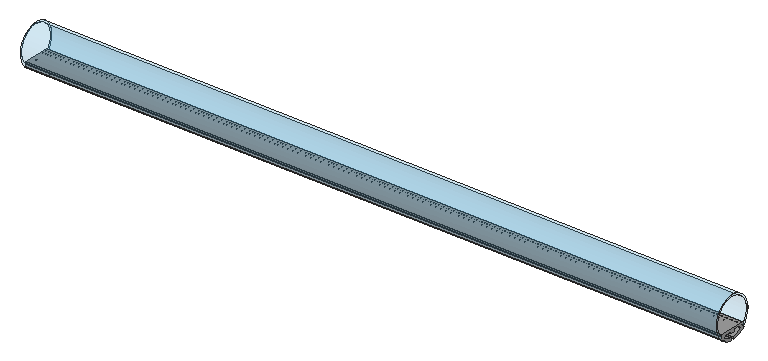
Revit family "PC6060", category Luminarias, Revit 2019
Family settings
  Cota de conector redondo = Diámetro de uso
  Tipo de pieza = Normal
  Se basa en plano de trabajo = Sí
  Siempre vertical = No
  Corte con vacíos al cargar = No
  Origen de luz = No
  Compartido = Sí
  Punto de cálculo de habitación = No
Parameters (values of type "PERFIL_PC6060")
  Tapa Final 6060.1 = 1
  Set de Tensores 6060.2 = (Longitud / 1000 mm) * (3)  # 3
  Keynote = ""
  Modelo = "PC6060"
  Lamp = ""
  Longitud = 1000 mm
  Fabricante = "BRILLANT"
  Default Elevation = 1219.2 mm
  Descripción = "PERFIL PARA SUSPENDER DE ALUMINIO CIRCULAR CON DIFUSOR LECHOSO, PARA ALOJAR TIRA LUMINOSA, PERFIL DE COLOCACION DE 39.1MM DE ANCHO. INSTALACION SOBRE SUPERFICIES, CUENTA CON PIEZAS DE SUJECION PARA DIRIGIR LA CANALETA Y DESPLAZARLA. IDEAL PARA ATENUAR EL BRILLO E INCORPORAR LA LUZ AL AMBIENTE.PRESENTACION DESDE 0.5 - 3 METROS, REQUEIRE ACCESORIOS COMO TAPA FINAL (CONSIDERAR 1 PAR POR SEGMENTO DE PERFIL) Y SET DE TENSORES (CONSIDERAR 3 PZAS POR SEGMENTO DE PERFIL)."
  Costo USD_PC6060 [instance] = (Longitud / 1000 mm) * (15)  # 15
  Wattage Comments = ""
Reference planes
  plane 1 "Centro (Frontal/Posterior)": y = 0
  plane 2: z = 0
  plane 3 "Centro (Izquierda/Derecha)": x = 0
  plane 4: x = -1000
Forms (mm)
  Extrusion 1, solid, material "Aluminio"
    sketch origin (37.527, 0, 32.853) x (0, 0, 1) y (0, -1, 0)
      loop
        line (-18.143, 19.55) -> (-21.132, 19.55) -> (-21.132, 18.048) -> (-19.513, 16.43) -> (-19.513, 14.839) -> (-24.547, 19.873)
        arc (-24.547, 19.873) -> (-30.12, 12.048) -> (-32.712, 2.798) r 27.929
        line (-32.712, 2.798) -> (-29.904, 2.798)
        arc (-29.904, 2.798) -> (-28.112, 9.704) -> (-24.451, 15.827) r 25.136
        line (-24.451, 15.827) -> (-20.936, 12.312) -> (-20.936, 3.283)
        arc (-20.936, 3.283) -> (-22.676, 2.785) -> (-23.887, 1.44) r 3.283
        line (-23.887, 1.44) -> (-20.936, 1.44) -> (-20.936, -1.44) -> (-23.887, -1.44)
        arc (-23.887, -1.44) -> (-22.676, -2.785) -> (-20.936, -3.283) r 3.283
        line (-20.936, -3.283) -> (-20.936, -12.312) -> (-24.451, -15.827)
        arc (-24.451, -15.827) -> (-28.112, -9.704) -> (-29.904, -2.798) r 25.136
        line (-29.904, -2.798) -> (-32.712, -2.798)
        arc (-32.712, -2.798) -> (-30.12, -12.048) -> (-24.547, -19.873) r 27.929
        line (-24.547, -19.873) -> (-19.513, -14.839) -> (-19.513, -16.43) -> (-21.132, -18.048) -> (-21.132, -19.55) -> (-18.143, -19.55) -> (-18.143, 19.55)
    from -1037.527 to -37.527
  Extrusion 2, solid, material "Difusor Lechoso"
    sketch origin (22.394, 0, 30.619) x (0, 0, 1) y (0, -1, 0)
      loop
        arc (-22.316, -19.875) -> (27.075, 0) -> (-22.316, 19.875) r 28.695
        line (-22.316, 19.875) -> (-17.28, 14.839) -> (-17.28, 16.43) -> (-18.898, 18.048) -> (-18.898, 19.556)
        arc (-18.898, 19.556) -> (24.477, 0) -> (-18.898, -19.556) r 26.096
        line (-18.898, -19.556) -> (-18.898, -18.048) -> (-17.28, -16.43) -> (-17.28, -14.839) -> (-22.316, -19.875)
    from -1022.394 to -22.394
Lines and regions (mm)
  model lines, style "LightingFixturesHiddenLines"
    curve 1: line (0, 29, 58) -> (0, -29, 58)
    curve 2: line (0, 29, 0) -> (0, 29, 58)
    curve 3: line (0, -29, 0) -> (0, 29, 0)
    curve 4: line (0, -29, 58) -> (0, -29, 0)
Dimensions and locks
  "Longitud": plane 3 "Centro (Izquierda/Derecha)" to plane 4
  "Longitud": plane 4 to plane 3 "Centro (Izquierda/Derecha)"
  Extrusion 1 sketch curve to Extrusion 1 sketch curve = 39.1 mm
  Extrusion 1 to Extrusion 1 = 39.1 mm
  diameter of Extrusion 2 = 57.389 mm
  aligned and locked: level to plane 2
  aligned and locked: plane 4 to Extrusion 1
  aligned and locked: plane 3 "Centro (Izquierda/Derecha)" to Extrusion 1
  aligned and locked: plane 4 to Extrusion 2
  aligned and locked: plane 3 "Centro (Izquierda/Derecha)" to Extrusion 2
Automatic sketch dimensions
  curve 4 to level = 0 mm
  plane 1 "Centro (Frontal/Posterior)" to curve 3 = 29 mm
  curve 2 to plane 1 "Centro (Frontal/Posterior)" = 29 mm
  Extrusion 1 sketch curve to Extrusion 1 sketch curve = 0 mm  (x16)
  Extrusion 1 sketch curve to plane 1 "Centro (Frontal/Posterior)" = 0 mm  (x2)
  level to Extrusion 1 sketch curve = 0.141 mm
  Extrusion 1 sketch curve to Extrusion 1 sketch curve = 2.809 mm  (x2)
  level to Extrusion 1 sketch curve = 8.306 mm  (x2)
  level to Extrusion 1 sketch curve = 8.402 mm  (x2)
  level to Extrusion 1 sketch curve = 8.966 mm  (x2)
  Extrusion 1 sketch curve to Extrusion 1 sketch curve = 3.416 mm  (x2)
  Extrusion 1 sketch curve to Extrusion 1 sketch curve = 2.95 mm
  Extrusion 1 sketch curve to Extrusion 1 sketch curve = 1.619 mm  (x2)
  Extrusion 1 sketch curve to Extrusion 1 sketch curve = 1.423 mm
  Extrusion 1 sketch curve to Extrusion 1 sketch curve = 2.988 mm
  Extrusion 1 sketch curve to Extrusion 1 sketch curve = 16.012 mm
  Extrusion 1 sketch curve to plane 1 "Centro (Frontal/Posterior)" = 1.44 mm
  Extrusion 1 sketch curve to plane 1 "Centro (Frontal/Posterior)" = 2.798 mm
  Extrusion 1 sketch curve to Extrusion 1 sketch curve = 3.515 mm  (x2)
  Extrusion 1 sketch curve to Extrusion 1 sketch curve = 2.527 mm  (x2)
  Extrusion 1 sketch curve to Extrusion 1 sketch curve = 1.591 mm  (x2)
  Extrusion 1 sketch curve to Extrusion 1 sketch curve = 1.502 mm  (x2)
  plane 1 "Centro (Frontal/Posterior)" to Extrusion 1 sketch curve = 1.44 mm
  plane 1 "Centro (Frontal/Posterior)" to Extrusion 1 sketch curve = 2.798 mm
  level to curve 2 = 58 mm
  Extrusion 2 sketch curve to Extrusion 2 sketch curve = 0 mm  (x3)
  Extrusion 2 sketch curve to plane 1 "Centro (Frontal/Posterior)" = 0 mm
  level to Extrusion 2 sketch curve = 8.303 mm
  level to Extrusion 2 sketch curve = 11.721 mm
  Extrusion 2 sketch curve to Extrusion 2 sketch curve = 3.418 mm  (x2)
  Extrusion 2 sketch curve to Extrusion 2 sketch curve = 1.619 mm  (x4)
  Extrusion 2 sketch curve to Extrusion 2 sketch curve = 15.66 mm
  Extrusion 2 sketch curve to plane 1 "Centro (Frontal/Posterior)" = 14.839 mm
  Extrusion 2 sketch curve to Extrusion 2 sketch curve = 1.591 mm  (x2)
  plane 1 "Centro (Frontal/Posterior)" to Extrusion 2 sketch curve = 14.839 mm
  Extrusion 2 sketch curve to Extrusion 2 sketch curve = 1.827 mm
  Extrusion 2 sketch curve to Extrusion 2 sketch curve = 1.508 mm
